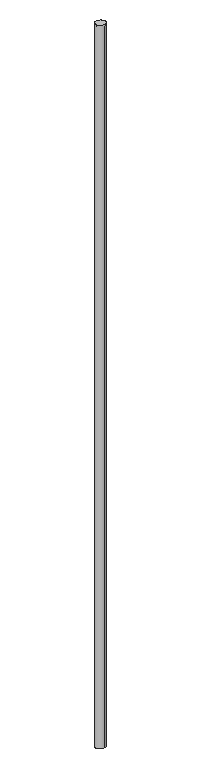
Revit family "82d3edaa2ec042b38d456ccd668fa8b3", category Structural Columns, Revit 2021
Family settings
  Section Shape = Round Bar
  Material for Model Behavior = Steel
  Always export as geometry = No
  Beam cutback in plan = From geometry
  Family Name Key = Round Bars-Column
  OmniClass Number = 23.25.30.11.14.11
  OmniClass Title = Columns
  Seek Item ID = Round Bar-Column-0000-USA-ENU
  Cut with Voids When Loaded = No
  Symbolic Representation = From Project Settings
  Shared = No
  Show family pre-cut in plan views = Yes
Parameters (values of type "RB 1 1/2")
  Warping Constant = (empty or 0)
  Torsional Moment of Inertia = 0.00 in⁴
  Torsional Modulus = 0.00 in³
  Structural Material [instance] = Steel ASTM A36
  Section Name Key = "RB 1 1/2"
  Section Area = 1.77 in²
  Principal Axes Angle = 0.00°
  Plastic Modulus weak axis = 0.56 in³
  Plastic Modulus strong axis = 0.56 in³
  Perimeter = 4.71 ft²/ft
  Nominal Weight = 0.00 lbf/ft
  Moment of Inertia weak axis = 0.25 in⁴
  Moment of Inertia strong axis = 0.25 in⁴
  Elastic Modulus weak axis = 0.33 in³
  Elastic Modulus strong axis = 0.33 in³
  Diameter = 0' - 1 1/2"
  Centroid Vertical = Diameter / 2  # 0.750"
  Centroid Horizontal = Diameter / 2  # 0.750"
  Assembly Code = "B10"
Reference planes (in)
  plane 1 "Center (Front/Back)": y = 0
  plane 2: z = 0
  plane 3 "Center (Left/Right)": x = 0
  plane 4: x = -0.75
  plane 5: x = 0.75
  plane 6: y = 0.75
  plane 7: y = -0.75
Forms (in)
  Extrusion 1, solid, material "Steel ASTM A36" <- "Structural Material", detail levels medium+fine
    sketch origin (0, 0, 0) x (1, 0, 0) y (0, 1, 0)
      loop
        circle (0, 0) r 0.75
    from 0 to 108
Lines and regions (in)
  symbolic lines, style "StructuralColumnStickSymbols", detail levels coarse
    curve 1: arc (-0.75, 0, 0) -> (0, -0.75, 0) -> (0.75, 0, 0) r 0.75
    curve 2: arc (0.75, 0, 0) -> (0, 0.75, 0) -> (-0.75, 0, 0) r 0.75
Dimensions and locks (in)
  equal spacing: plane 4, plane 3 "Center (Left/Right)", plane 5
  equal spacing: plane 7, plane 1 "Center (Front/Back)", plane 6
  "Diameter": plane 7 to plane 6
  "Diameter": plane 4 to plane 5
  "Diameter": diameter of Extrusion 1 sketch curve
  aligned and locked: level to plane 2
  aligned and locked: plane 3 "Center (Left/Right)" to Extrusion 1 sketch curve
  aligned and locked: plane 1 "Center (Front/Back)" to Extrusion 1 sketch curve
  aligned and locked: level to Extrusion 1
  aligned and locked: Extrusion 1 to plane 2
Automatic sketch dimensions
  plane 1 "Center (Front/Back)" to curve 1 = 0' - 0"  (x2)
  curve 1 to plane 4 = 0' - 0"
  plane 1 "Center (Front/Back)" to curve 2 = 0' - 0"
  curve 2 to plane 3 "Center (Left/Right)" = 0' - 0"
